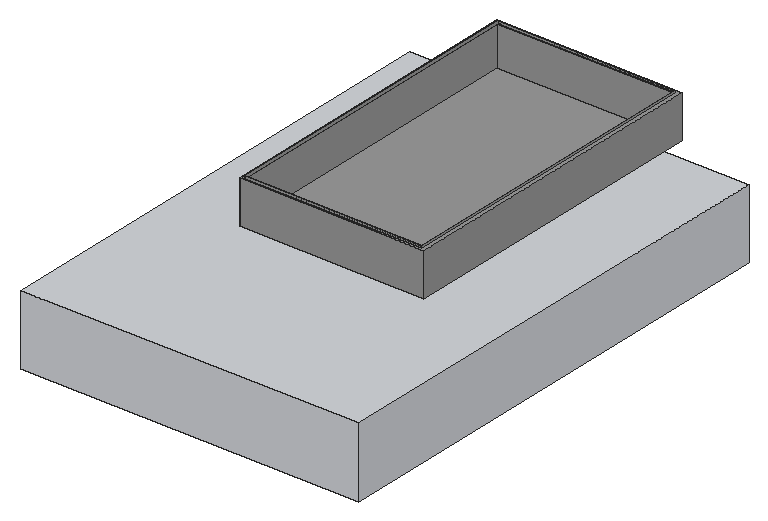
Revit family "Hager-Univers-IP30-D205-H1400-Cl.II-Encl-CH-de", category Equipement électrique, Revit 2020
Family settings
  Hôte = Face
  Configuration du panneau = Deux colonnes, circuits au sein
  Cote de connecteur circulaire = Utiliser le diamètre
  Type d'élément = Tableau de raccordement
  Couper avec des vides une fois chargée = Non
  Partagée = Non
  Point de calcul de pièce = Non
Parameters (values of type "Aufputz IP30 B800 H1400 T205  - FP93Q1S")
  Width Control [instance] = if([EF000008 - Breite] > Min Width, [EF000008 - Breite], Min Width)  # 800 mm
  Commentaires du type = [HG000003 - Bereich]  # "Univers"
  Thickness Door [instance] = if([EF009171 - Materialstärke Tür/Deckel] > 3 mm, 3 mm, [EF009171 - Materialstärke Tür/Deckel])  # 1 mm
  Seal Frame Offset [instance] = 17 mm  # constant formula
  Plinth Visibility [instance] = [HG000027 - Sockelhöhe] > 0 mm  # no
  Model = ""
  Min Width [instance] = 100 mm  # constant formula
  Min Height [instance] = 100 mm  # constant formula
  Min Depth [instance] = (2 * [EF009170 - Materialstärke Gehäuse]) + 1 mm  # 3 mm
  Internal Frame Depth [instance] = (Door System Depth * 0.5)  # 9 mm
  Height Control [instance] = if([EF000040 - Höhe] > Min Height, [EF000040 - Höhe], Min Height)  # 1400 mm
  HG000027 - Sockelhöhe = 0 mm
  HG000026 - Stehend auf dem Boden = no
  HG000024 - Höhe des unteren Teils = 800 mm
  HG000023 - Gehäuse mit doppeltem Querschnitt = no
  HG000016 - 3D-Türsichtbarkeit [instance] = yes
  HG000015 - Sichtbarkeit der Türöffnung [instance] = no
  HG000014 - Tür rechts [instance] = yes
  HG000013 - Tür links [instance] = not([HG000014 - Tür rechts])  # no
  HG000012 - Türschwenkwinkel [instance] = 30.00°
  HG000010 - Asymmetrische Türen = no
  HG000009 - Doppelflügeligen Tür = no
  HG000006 - Unterputz = no
  HG000004 - Herstellerreferenz = "FP93Q1S"
  HG000003 - Bereich = "Univers"
  HG000002 - Mit tür = no
  Frame Offset Bottom [instance] = 10 mm  # constant formula
  Frame Offset [instance] = 15 mm  # constant formula
  EF015940 - Deckel mit Überdruckentlastung = no
  EF011959 - Schutzart (NEMA) = ""
  EF009554 - Anzahl der Öffnungen für Flanschplatten = 6
  Fabricant = "Hager"  # constant formula
  EF009212 - Ausführung Deckel = "EV009916 - mit Ausschnitt"
  EF009171 - Materialstärke Tür/Deckel = 1 mm
  EF009170 - Materialstärke Gehäuse = 1 mm
  EF008873 - Nennstrom (In) = 250 A
  EF007800 - Geeignet für Blitzschutz = no
  EF006306 - Mit Schloss = no
  EF006244 - Transparenter Deckel/Tür = no
  EF005474 - Schutzart (IP) = "EV006410 - IP30"
  EF004464 - Art der Tür = "EV000494 - ohne"
  EF004427 - Anzahl der Module = 324
  EF004293 - Schlagfestigkeit = "EV006813 - IK07"
  EF003532 - Geeignet für Außengebrauch = no
  EF002950 - Breite in Teilungseinheiten = 36
  EF001613 - Funktionserhalt = "EV000494 - ohne"
  EF001596 - Werkstoff des Gehäuses = "EV000179 - Stahl"
  EF001131 - Innentiefe = 130 mm
  EF001088 - Anbaumöglichkeit = yes
  EF000437 - Anzahl der Leitungseinführungen = 6
  EF000339 - Art der Abdeckung = "EV000494 - ohne"
  EF000266 - Anzahl der Reihen = 9
  EF000218 - Einbautiefe = 0 mm
  EF000118 - Mit Montageplatte = no
  EF000116 - RAL-Nummer = "9010"
  EF000049 - Tiefe = 205 mm
  EF000040 - Höhe = 1400 mm
  EF000008 - Breite = 800 mm
  EF000007 - Farbe = "EV000202 - weiß"
  EF000003 - Montageart = "EV000384 - Aufputz"
  Door System Leaf Tolerance [instance] = 1.5 mm  # constant formula
  Door System Depth [instance] = 18 mm  # constant formula
  Door Height [instance] = Height Control - [HG000027 - Sockelhöhe]  # 1400 mm
  Depth Control [instance] = if([EF000049 - Tiefe] > Min Depth, [EF000049 - Tiefe], Min Depth)  # 205 mm
  Default Elevation = 0 mm
  Connector Offset [instance] = Height Control / 2  # 700 mm
  Bottom Top Plate Trim [instance] = 1.5 mm  # constant formula
  Plinth height Ctrl [instance] = if([HG000027 - Sockelhöhe] > 0 mm, [HG000027 - Sockelhöhe], 12 mm)  # 12 mm
Types (5, lengths in mm): name | Width Control | HG000004 - Herstellerreferenz | EF009554 - Anzahl der Öffnungen für Flanschplatten | EF004427 - Anzahl der Module | EF002950 - Breite in Teilungseinheiten | EF000437 - Anzahl der Leitungseinführungen | EF000008 - Breite
  Aufputz IP30 B1050 H1400 T205  - FP94Q1S | 1050 | "FP94Q1S" | 8 | 432 | 48 | 8 | 1050
  Aufputz IP30 B1300 H1400 T205  - FP95Q1S | 1300 | "FP95Q1S" | 10 | 540 | 60 | 10 | 1300
  Aufputz IP30 B300 H1400 T205  - FP91Q1S | 300 | "FP91Q1S" | 2 | 108 | 12 | 2 | 300
  Aufputz IP30 B550 H1400 T205  - FP92Q1S | 550 | "FP92Q1S" | 4 | 216 | 24 | 4 | 550
  Aufputz IP30 B800 H1400 T205  - FP93Q1S | 800 | "FP93Q1S" | 6 | 324 | 36 | 6 | 800
Reference planes
  plane 1 "Center (Front/Back)": y = 0
  plane 2: z = 0
  plane 3 "Center (Left/Right)": x = 0
  plane 4: z = 205
  plane 5: y = 1
  plane 6: y = 700
  plane 7: y = 0
  plane 8: y = 1400
  plane 9: z = 0
  plane 10: x = -385
  plane 11: x = 385
  plane 12: x = 384
  plane 13: x = -384
  plane 14: y = 1399
  plane 15: x = -383
  plane 16: x = -400
  plane 17: x = 383
  plane 18: x = 400
  plane 19: x = 399
  plane 20: x = -399
  plane 21: y = 11
  plane 22: y = 1400
  plane 23: y = 1384
  plane 24: z = 187
  plane 25: z = 1
  plane 26: z = 186
  plane 27: z = 204
Forms (mm)
  Extrusion 1, solid
    sketch origin (0, 0, 0) x (1, 0, 0) y (0, 1, 0)
      loop
        line (-702.964, 1305) -> (-702.964, -811.445) -> (766.763, -811.445) -> (766.763, 1305) -> (-702.964, 1305)
    from 0 to -304.8
  Extrusion 2, solid, material "Hager_Steel_RAL7035_Light_Grey", visible <- "Plinth Visibility", detail levels medium+fine
    sketch origin (0, 0, 0) x (1, 0, 0) y (0, 1, 0)
      loop
        line (-400, 0) -> (400, 0) -> (400, 12) -> (-400, 12) -> (-400, 0)
    from 0 to 187
  Extrusion 3, solid, material "Hager_Steel_RAL7035_Light_Grey", detail levels medium+fine
    sketch origin (0, 0, 0) x (1, 0, 0) y (0, 1, 0)
      loop
        line (-400, 0) -> (400, 0) -> (400, 1400) -> (-400, 1400) -> (-400, 0)
    from 0 to 187
  Extrusion 4, void
    sketch origin (0, 0, 0) x (1, 0, 0) y (0, 1, 0)
      loop
        line (-399, 1) -> (399, 1) -> (399, 1399) -> (-399, 1399) -> (-399, 1)
    from 1 to 186
  Extrusion 5, void
    sketch origin (-381.607, -4572, 187) x (0, -1, 0) y (-1, 0, 0)
      loop
        line (-4583, 2.393) -> (-5956, 2.393) -> (-5956, -765.607) -> (-4583, -765.607) -> (-4583, 2.393)
    from 0 to 1 <- "EF009170 - Materialstärke Gehäuse"
  Extrusion 6, solid, material "Hager_Steel_RAL7035_Light_Grey", detail levels fine
    sketch origin (0, 0, 187) x (1, 0, 0) y (0, 1, 0)
      loop
        line (-384, 1384) -> (-384, 11) -> (384, 11) -> (384, 1384) -> (-384, 1384)
      loop
        line (-385, 10) -> (385, 10) -> (385, 1385) -> (-385, 1385) -> (-385, 10)
    from 0 to 9 <- "Internal Frame Depth"
  Extrusion 7, solid, material "Hager_Steel_RAL7035_Light_Grey", detail levels coarse
    sketch origin (0, 0, 0) x (1, 0, 0) y (0, 1, 0)
      loop
        line (-400, 0) -> (400, 0) -> (400, 1400) -> (-400, 1400) -> (-400, 0)
    from 0 to 205
  Sweep 8, void
    path in 3D
      loop
        line (-400, 12, 0) -> (400, 12, 0) -> (400, 12, 187) -> (-400, 12, 187) -> (-400, 12, 0)
    profile origin (-400, 12, 93.5) x (-1, 0, 0) y (0, -1, 0)
      loop
        line (0, 0) -> (0, 1.5) -> (-1.5, 1.5)
        arc (-1.5, 1.5) -> (-1.061, 0.439) -> (0, 0) r 1.5
Cuts and joins
  Extrusion 4, Extrusion 5 cuts Extrusion 3
  Sweep 8 cuts Extrusion 2
Lines and regions (mm)
  Masking region 1
    outline origin (0, 0, 0) x (1, 0, 0) y (0, 0, 1)
      loop
        line (-400, 205) -> (-400, 0) -> (400, 0) -> (400, 205) -> (-400, 205)
  Masking region 2, detail levels medium+fine
    outline origin (0, 140, 0) x (0, 1, 0) y (0, 0, 1)
      loop
        line (-140, 0) -> (1260, 0) -> (1260, 187) -> (-140, 187) -> (-140, 0)
  Masking region 3, not visible, detail levels medium+fine
    outline origin (0, 297.922, 0) x (0, 1, 0) y (0, 0, 1)
      loop
        line (413.578, 0) -> (453.578, 0) -> (453.578, 194)
        arc (453.578, 194) -> (450.649, 201.071) -> (443.578, 204) r 10
        line (443.578, 204) -> (413.578, 204) -> (413.578, 0)
  Masking region 4, detail levels coarse
    outline origin (0, 0, 180) x (0, 1, 0) y (0, 0, 1)
      loop
        line (0, -180) -> (1400, -180) -> (1400, 25) -> (0, 25) -> (0, -180)
  Masking region 5, visible <- "Plinth Visibility", detail levels medium+fine
    outline origin (0, 52.24, 12.345) x (0, 0, -1) y (0, 1, 0)
      loop
        line (10.845, -40.24) -> (-173.155, -40.24)
        arc (-173.155, -40.24) -> (-173.594, -41.301) -> (-174.655, -41.74) r 1.5
        line (-174.655, -41.74) -> (-174.655, -52.24) -> (12.345, -52.24) -> (12.345, -41.74)
        arc (12.345, -41.74) -> (11.285, -41.301) -> (10.845, -40.24) r 1.5
  Masking region 6, detail levels medium+fine
    outline origin (-381.607, -4572, 187) x (-1, 0, 0) y (0, -1, 0)
      loop
        line (18.393, -5972) -> (18.393, -4572) -> (-781.607, -4572) -> (-781.607, -5972) -> (18.393, -5972)
  Masking region 7, visible <- "Plinth Visibility", detail levels medium+fine
    outline origin (-381.607, -4727, 187) x (-1, 0, 0) y (0, -1, 0)
      loop
        arc (16.893, -4739) -> (17.332, -4737.939) -> (18.393, -4737.5) r 1.5
        line (18.393, -4737.5) -> (18.393, -4727) -> (-781.607, -4727) -> (-781.607, -4737.5)
        arc (-781.607, -4737.5) -> (-780.546, -4737.939) -> (-780.107, -4739) r 1.5
        line (-780.107, -4739) -> (16.893, -4739)
  Masking region 8, detail levels coarse
    outline origin (-442.548, -4669.526, 187) x (-1, 0, 0) y (0, -1, 0)
      loop
        line (-42.548, -6069.526) -> (-42.548, -4669.526) -> (-842.548, -4669.526) -> (-842.548, -6069.526) -> (-42.548, -6069.526)
  sketch lines
    curve 1: line (-400, 12, 187) -> (-400, 12, 0)
    curve 2: line (400, 12, 187) -> (-400, 12, 187)
    curve 3: line (400, 12, 187) -> (400, 12, 0)
    curve 4: line (-400, 12, 0) -> (400, 12, 0)
Dimensions and locks
  "Depth Control": plane 4 to Extrusion 1
  "HG000027 - Sockelhöhe": plane 1 "Center (Front/Back)" to plane 7
  "EF009170 - Materialstärke Gehäuse": plane 5 to plane 7
  locked: connector elem to plane 3 "Center (Left/Right)"
  equal spacing: plane 8, plane 6, plane 7
  locked: connector elem to plane 6
  "EF009170 - Materialstärke Gehäuse": plane 8 to plane 14
  "EF009170 - Materialstärke Gehäuse": plane 10 to plane 13
  "EF009170 - Materialstärke Gehäuse": plane 12 to plane 11
  "Frame Offset": plane 20 to plane 13
  "Frame Offset": plane 12 to plane 19
  "EF009170 - Materialstärke Gehäuse": plane 16 to plane 20
  "EF009170 - Materialstärke Gehäuse": plane 19 to plane 18
  "Seal Frame Offset": plane 16 to plane 15
  "Seal Frame Offset": plane 17 to plane 18
  "Frame Offset Bottom": plane 21 to plane 5
  "Frame Offset": plane 14 to plane 23
  equal spacing: plane 16, plane 3 "Center (Left/Right)", plane 18
  "Width Control": plane 16 to plane 18
  "EF009170 - Materialstärke Gehäuse": plane 4 to plane 27
  "EF009170 - Materialstärke Gehäuse": plane 24 to plane 26
  "EF009170 - Materialstärke Gehäuse": plane 25 to level
  "Door System Depth": plane 4 to plane 24
  "Height Control": plane 1 "Center (Front/Back)" to Extrusion 7 sketch curve
  "Height Control": Masking region 4 sketch curve to plane 1 "Center (Front/Back)"
  "Height Control": plane 1 "Center (Front/Back)" to plane 22
  "Bottom Top Plate Trim": profile plane to Sweep 8 sketch curve
  "Bottom Top Plate Trim": Sweep 8 sketch curve to profile plane
  "Plinth height Ctrl": plane 1 "Center (Front/Back)" to Extrusion 2 sketch curve
  "Plinth height Ctrl": Masking region 5 sketch curve to plane 1 "Center (Front/Back)"
  "Plinth height Ctrl": plane 1 "Center (Front/Back)" to Masking region 7 sketch curve
  "Thickness Door": Extrusion 6 sketch curve to Extrusion 6 sketch curve  (x3)
  "Thickness Door": cut or joined group of Extrusion 3, Extrusion 4, Extrusion 5 to Extrusion 6 sketch curve
  radius of Masking region 3 sketch curve = 10 mm
  "Bottom Top Plate Trim": radius of Masking region 5 sketch curve  (x2)
  "Bottom Top Plate Trim": radius of Sweep 8 sketch curve
  "Bottom Top Plate Trim": radius of Masking region 7 sketch curve  (x2)
  aligned and locked: plane 2 to Extrusion 1
  aligned and locked: level to Extrusion 1
  aligned and locked: level to Masking region 1 sketch curve
  aligned and locked: Masking region 1 sketch curve to plane 18
  aligned and locked: Masking region 1 sketch curve to plane 16
  aligned and locked: plane 7 to Masking region 2 sketch curve
  aligned and locked: level to Masking region 3 sketch curve
  aligned and locked: Masking region 3 sketch curve to plane 27
  aligned and locked: level to Masking region 2 sketch curve
  aligned and locked: plane 1 "Center (Front/Back)" to Extrusion 2 sketch curve
  aligned and locked: Extrusion 3 sketch curve to plane 7
  aligned and locked: plane 16 to Extrusion 3 sketch curve
  aligned and locked: plane 18 to Extrusion 3 sketch curve
  aligned and locked: plane 20 to Extrusion 4 sketch curve
  aligned and locked: plane 19 to Extrusion 4 sketch curve
  aligned and locked: Extrusion 4 sketch curve to plane 5
  aligned and locked: Extrusion 4 to plane 25
  aligned and locked: plane 26 to Extrusion 4
  aligned and locked: plane 24 to Extrusion 3
  aligned and locked: Extrusion 5 sketch curve to plane 21
  aligned and locked: Extrusion 5 sketch curve to plane 13
  aligned and locked: Extrusion 5 sketch curve to plane 12
  aligned and locked: plane 18 to Extrusion 7 sketch curve
  aligned and locked: plane 1 "Center (Front/Back)" to Extrusion 7 sketch curve
  aligned and locked: plane 16 to Extrusion 7 sketch curve
  aligned and locked: plane 4 to Extrusion 7
  aligned and locked: Extrusion 7 to level
  aligned and locked: level to Masking region 4 sketch curve
  aligned and locked: Masking region 4 sketch curve to plane 1 "Center (Front/Back)"
  aligned and locked: Masking region 4 sketch curve to plane 4
  aligned and locked: nested 1 to level
  aligned and locked: nested 1 to plane 16
  aligned and locked: plane 8 to Extrusion 3 sketch curve
  aligned and locked: plane 23 to Extrusion 5 sketch curve
  aligned and locked: plane 14 to Extrusion 4 sketch curve
  aligned and locked: Masking region 2 sketch curve to plane 8
  aligned and locked: level to Masking region 5 sketch curve
  aligned and locked: plane 16 to Extrusion 2 sketch curve
  aligned and locked: plane 18 to Extrusion 2 sketch curve
  aligned and locked: Masking region 5 sketch curve to plane 24
  aligned and locked: Masking region 2 sketch curve to plane 24
  aligned and locked: plane 24 to Extrusion 2
  aligned and locked: profile plane to Sweep 8 sketch curve  (x2)
  aligned and locked: Masking region 6 sketch curve to plane 18
  aligned and locked: Masking region 6 sketch curve to plane 22
  aligned and locked: Masking region 6 sketch curve to plane 16
  aligned and locked: plane 8 to plane 22
  aligned and locked: Masking region 6 sketch curve to plane 7
  aligned and locked: Masking region 7 sketch curve to plane 16
  aligned and locked: Masking region 7 sketch curve to plane 1 "Center (Front/Back)"
  aligned and locked: Masking region 7 sketch curve to plane 18
  aligned and locked: Masking region 8 sketch curve to plane 1 "Center (Front/Back)"
  aligned and locked: Masking region 8 sketch curve to plane 18
  aligned and locked: Masking region 8 sketch curve to plane 22
  aligned and locked: Masking region 8 sketch curve to plane 16
  aligned and locked: nested 2 to plane 7
  aligned and locked: plane 3 "Center (Left/Right)" to nested 2
  aligned and locked: nested 2 to plane 24
  aligned and locked: Extrusion 6 sketch curve to cut or joined group of Extrusion 3, Extrusion 4, Extrusion 5  (x4)
Automatic sketch dimensions
  Extrusion 1 sketch curve to Extrusion 1 sketch curve = 1469.727 mm
  Extrusion 1 sketch curve to Extrusion 1 sketch curve = 2116.445 mm
  Masking region 1 sketch curve to plane 4 = 0 mm
  plane 6 to Masking region 3 sketch curve = 11.5 mm
  Masking region 3 sketch curve to Masking region 3 sketch curve = 30 mm
  Masking region 5 sketch curve to plane 1 "Center (Front/Back)" = 0 mm
Nested families
  nested 1: "Hager_Enclosure_Symbol" at (-400, 0, 0) x (1, 0, 0) z (0, -1, 0), Height <- "Depth Control", Width <- "Width Control", type "Hager_Enclosure_Symbol"
    with Width_Ctrl 800 mm, Width 800 mm, Height_Ctrl 205 mm, Height 205 mm, A_Width_Int 13.453 mm, A_Width 161.438 mm, A_Height_Ctrl 179.375 mm, A_Height 179.375 mm
  nested 2: "EC000058_Univers_Door" at (0, 0, 187) x (1, 0, 0) z (0, 1, 0), Leaf_Tolerance <- "Door System Leaf Tolerance", Angle <- "HG000012 - Türschwenkwinkel", Door_Depth <- "Door System Depth", Door_Left <- "HG000013 - Tür links", Transparent <- "EF006244 - Transparenter Deckel/Tür", Assymetrical <- "HG000010 - Asymmetrische Türen", Width <- "Width Control", Clearance <- "HG000015 - Sichtbarkeit der Türöffnung", Double <- "HG000009 - Doppelflügeligen Tür", 3d_Door <- "HG000016 - 3D-Türsichtbarkeit", Lock_Visibility <- "EF006306 - Mit Schloss", Width_Ctrl <- "Width Control", Door_Right <- "HG000014 - Tür rechts", Door <- "HG000002 - Mit tür", Height <- "Door Height", Thickness <- "Thickness Door", type "EC000058_Univers_Door", detail levels medium+fine
    with min_wh 3 mm, Width_Ctrl 800 mm, Width 800 mm, Transparent no, Thickness 1 mm, Seal_Material Hager_Rubber, Lock_Visibility no, Lock_Material Hager_Plastic_RAL9005_Jet_Black, Leaf_Width 800 mm, Leaf_Tolerance_External_Sides 0 mm, Leaf_Tolerance 1.5 mm, Leaf_Offset 0 mm, Leaf_Height 1397 mm, Leaf_2_Width 800 mm, Leaf_2_Offset 400 mm, Leaf_1_Width 800 mm, Leaf_1_Offset 400 mm, Height_Ctrl 1400 mm, Height 1400 mm, Glass_Material Hager_Glass, Double_Clearance_Ctrl no, Double no, Door_Right_Ctrl no, Door_Right yes, Door_Material Hager_Steel_RAL7035_Light_Grey, Door_Left_Ctrl no, Door_Left no, Door_Depth 18 mm, Door no, Clearance_Material Hager_Clearance, Clearance_Depth 800 mm, Clearance_Ctrl no, Clearance no, Assymetrical no, Angle 30.00°, 3d_Door yes
Connectors
  electrical at (0, 700, 0)
    settings: on plane 9, index 1, voltage 0 V, apparent load 0 VA, apparent load phase1 0 VA, apparent load phase2 0 VA, apparent load phase3 0 VA, power factor 1, load classification "Other", number of poles 1, system type 30, power factor state 1, is connector primary yes, connector utility no, sub classification motor no, connector description ""
Definition of nested family "Hager_Enclosure_Symbol"
  Parameters (values of type "Hager_Enclosure_Symbol")
    Width_Ctrl [instance] = if(Width > 1 mm, Width, 1 mm)  # 102.27 mm
    Width [instance] = 102.27 mm
    Height_Ctrl [instance] = if(Height > 1 mm, Height, 1 mm)  # 66.5 mm
    A_Width_Int [instance] = if(A_Width / 12 > 2 mm, A_Width / 12, 2 mm)  # 4.364 mm
    A_Width [instance] = if(A_Height_Ctrl * 0.9 > 2 mm, A_Height_Ctrl * 0.9, 2 mm)  # 52.369 mm
    A_Height_Ctrl [instance] = if(A_Height > 2 mm, A_Height, 2 mm)  # 58.188 mm
    Height [instance] = 66.5 mm
    A_Height [instance] = Height - (Height / 8)  # 58.188 mm
  Reference planes
    plane 1 "Centre (avant/arrière)": y = 0
    plane 2: z = 0
    plane 3 "Centre (gauche/droite)": x = 0
    plane 4: x = 52.369
    plane 5: y = 33.042
    plane 6: y = 41.77
    plane 7: y = 66.5
    plane 8: x = 26.184
    plane 9: y = 37.406
    plane 10: x = 102.27
    plane 11: y = 66.5
    plane 12: y = 8.313
  Lines and regions (mm)
    Filled region 1, type "Solid_Black", in view "Niveau de réf."
      outline origin (0, 0, 0) x (1, 0, 0) y (0, 1, 0)
        loop
          line (52.369, 66.5) -> (33.188, 54.536) -> (45.365, 45.006) -> (52.369, 66.5)
    Filled region 2, type "Solid_Black", in view "Niveau de réf."
      outline origin (0, 0, 0) x (1, 0, 0) y (0, 1, 0)
        loop
          line (0, 0) -> (102.27, 0) -> (102.27, 66.5) -> (0, 0)
    detail lines, in view "Niveau de réf."
      curve 1: line (0, 8.313, 0) -> (26.184, 41.77, 0)
      curve 2: line (26.184, 41.77, 0) -> (26.184, 33.042, 0)
      curve 3: line (26.184, 33.042, 0) -> (52.369, 66.5, 0)
  Dimensions and locks
    "A_Width": plane 3 "Centre (gauche/droite)" to plane 4
    equal spacing: plane 3 "Centre (gauche/droite)", plane 8, plane 4
    equal spacing: plane 6, plane 9, plane 5
    equal spacing: curve 3, Filled region 1 sketch curve, Filled region 1 sketch curve
    "Height_Ctrl": plane 1 "Centre (avant/arrière)" to plane 11
    "A_Height_Ctrl": plane 11 to plane 12
    equal spacing: plane 11, plane 9, plane 12
    "A_Width_Int": plane 6 to plane 9
    "Width_Ctrl": plane 3 "Centre (gauche/droite)" to plane 10
    angle Filled region 1 sketch curve to curve 3 = 20.00°
    angle curve 3 to Filled region 1 sketch curve = 20.00°
    locked: curve 3 to Filled region 1 sketch curve (angle 90.00°)
    aligned and locked: plane 10 to Filled region 2
    aligned and locked: plane 11 to Filled region 2 sketch curve
    aligned and locked: plane 10 to Filled region 2 sketch curve
    aligned and locked: plane 3 "Centre (gauche/droite)" to curve 1
    aligned and locked: plane 12 to curve 1
    aligned and locked: plane 7 to plane 11
  Automatic sketch dimensions
    Filled region 1 sketch curve to plane 4 = 0 mm
    Filled region 1 sketch curve to plane 7 = 0 mm
    plane 1 "Centre (avant/arrière)" to Filled region 2 sketch curve = 0 mm
    Filled region 2 sketch curve to plane 3 "Centre (gauche/droite)" = 0 mm
    curve 2 to plane 6 = 0 mm
    curve 2 to plane 8 = 0 mm
    curve 3 to plane 4 = 0 mm
    curve 2 to plane 5 = 0 mm
    curve 3 to plane 7 = 0 mm
Definition of nested family "EC000058_Univers_Door"
  Parameters (values of type "EC000058_Univers_Door")
    min_wh [instance] = (2 * Thickness) + 1 mm  # 11 mm
    Width_Ctrl [instance] = 400 mm
    Width [instance] = 500 mm
    Transparent [instance] = yes
    Thickness [instance] = 5 mm
    Seal_Material [instance] = none
    Lock_Visibility [instance] = yes
    Lock_Material [instance] = none
    Leaf_Width [instance] = if((Width_Ctrl - 2 * Leaf_Tolerance_External_Sides) > 0 mm, (Width_Ctrl - 2 * Leaf_Tolerance_External_Sides), min_wh)  # 400 mm
    Leaf_Tolerance_External_Sides [instance] = 0 mm  # constant formula
    Leaf_Tolerance [instance] = 1.5 mm
    Leaf_Offset [instance] = 0 mm  # constant formula
    Leaf_Height [instance] = if((Height_Ctrl - 2 * Leaf_Tolerance) > 0 mm, (Height_Ctrl - 2 * Leaf_Tolerance), min_wh)  # 497 mm
    Leaf_2_Width [instance] = if(and(and(Double, Assymetrical), Door_Left), (Leaf_Width / 3) - (Leaf_Tolerance / 2), if(and(and(Double, Assymetrical), Door_Right), (Leaf_Width / 3) * 2 - (Leaf_Tolerance / 2), if(and(Double, not(Assymetrical)), (Leaf_Width / 2) - Leaf_Tolerance, Leaf_Width)))  # 400 mm
    Leaf_2_Offset [instance] = if(and(Double, Assymetrical), Leaf_2_Width / 2, if(and(Double, not(Assymetrical)), Leaf_Width / 4, Leaf_Width / 2))  # 200 mm
    Leaf_1_Width [instance] = if(and(and(Double, Assymetrical), Door_Right), (Leaf_Width / 3) - (Leaf_Tolerance / 2), if(and(and(Double, Assymetrical), Door_Left), (Width / 3) * 2 - (Leaf_Tolerance / 2), if(and(Double, not(Assymetrical)), (Leaf_Width / 2) - Leaf_Tolerance, Leaf_Width)))  # 400 mm
    Leaf_1_Offset [instance] = if(and(Double, Assymetrical), Leaf_1_Width / 2, if(and(Double, not(Assymetrical)), Leaf_Width / 4, Leaf_Width / 2))  # 200 mm
    Height_Ctrl [instance] = if(Height > min_wh, Height, min_wh)  # 500 mm
    Height [instance] = 500 mm
    Glass_Material [instance] = none
    Double_Clearance_Ctrl [instance] = and(Double, Clearance)  # no
    Double [instance] = no
    Door_Right_Ctrl [instance] = and(or(Door_Right, Double), Door)  # yes
    Door_Right [instance] = yes
    Door_Material [instance] = none
    Door_Left_Ctrl [instance] = and(or(Door_Left, Double), Door)  # no
    Door_Left [instance] = no
    Door_Depth [instance] = 30 mm
    Door [instance] = yes
    Default Elevation = 1219.2 mm
    Clearance_Material [instance] = none
    Clearance_Depth [instance] = if(Leaf_1_Width > Leaf_2_Width, Leaf_1_Width, Leaf_2_Width)  # 400 mm
    Clearance_Ctrl [instance] = and(not(Double), Clearance)  # yes
    Clearance [instance] = yes
    Assymetrical [instance] = yes
    Angle [instance] = 30.00°
    3d_Door [instance] = yes
  Reference planes
    plane 1 "Center (Front/Back)": y = 0
    plane 2 "Bottom": z = 0
    plane 3 "Center (Left/Right)": x = 0
    plane 4: z = 500
    plane 5: x = -200
    plane 6: x = 200
    plane 7: z = 500
    plane 8: x = -200
    plane 9: z = 0
    plane 10: x = 200
    plane 11: y = 0
    plane 12: z = 1.5
    plane 13: x = -600
    plane 14: y = -400
    plane 15: x = 600
    plane 16: x = 0
    plane 17: x = 0
    plane 18: x = -200
    plane 19: x = 200
    plane 20: z = 498.5
  Forms (mm)
    Extrusion 1, solid, material <- "Clearance_Material", visible <- "Double_Clearance_Ctrl"
      sketch origin (1200, 0, 0) x (1, 0, 0) y (0, 0, -1)
        loop
          line (-1800, -498.5) -> (-600, -498.5) -> (-600, 0) -> (-1800, 0) -> (-1800, -498.5)
      from 0 to -400
  Dimensions and locks
    equal spacing: plane 5, plane 3 "Center (Left/Right)", plane 6
    "Width_Ctrl": plane 5 to plane 6
    "Leaf_Offset": plane 5 to plane 8
    "Leaf_Offset": plane 6 to plane 10
    "Leaf_Offset": plane 9 to level
    "Leaf_Offset": plane 4 to plane 7
    "Height_Ctrl": plane 4 to level
    "Leaf_Tolerance": plane 12 to plane 9
    locked: plane 11 to plane 1 "Center (Front/Back)"
    "Leaf_1_Offset": plane 18 to plane 16
    "Leaf_2_Offset": plane 17 to plane 19
    "Leaf_1_Width": plane 13 to plane 8
    "Leaf_2_Width": plane 10 to plane 15
    "Clearance_Depth": plane 14 to plane 1 "Center (Front/Back)"
    "Leaf_Tolerance_External_Sides": plane 8 to plane 18
    "Leaf_Tolerance_External_Sides": plane 19 to plane 10
    "Leaf_Tolerance": plane 7 to plane 20
    aligned and locked: level to plane 2 "Bottom"
    aligned and locked: nested 1 to plane 16
    aligned and locked: nested 2 to plane 17
    aligned and locked: Extrusion 1 to plane 13
    aligned and locked: plane 15 to Extrusion 1
    aligned and locked: Extrusion 1 to plane 14
    aligned and locked: plane 12 to nested 1
    aligned and locked: nested 2 to plane 12
    aligned and locked: Extrusion 1 to plane 11
    aligned and locked: plane 20 to Extrusion 1
    aligned and locked: nested 2 to plane 11
    aligned and locked: nested 1 to plane 11
  Automatic sketch dimensions
    Extrusion 1 sketch curve to level = 0 mm
    plane 5 to Extrusion 1 sketch curve = 400 mm
    plane 6 to Extrusion 1 sketch curve = 400 mm
    Extrusion 1 sketch curve to plane 4 = 1.5 mm
  Nested families
    nested 1: "EC000058_Univers_Door_Leaf" at (0, 0, 1.5), Width <- "Leaf_1_Width", visible <- "Door_Left_Ctrl", Leaf_Height <- "Leaf_Height", Angle <- "Angle", 3d_Door <- "3d_Door", Transparent <- "Transparent", Clearance Material <- "Clearance_Material", Clearance <- "Clearance_Ctrl", Door_Material <- "Door_Material", Glass_Material <- "Glass_Material", Door_Depth <- "Door_Depth", Lock_Material <- "Lock_Material", Seal_Material <- "Seal_Material", Lock_Visibility <- "Lock_Visibility", Thickness <- "Thickness", type "EC000058_Univers_Door_Leaf"
      with Width 400 mm, Transparent_Glass_Offset 30 mm, Transparent_Ctrl yes, Transparent yes, Thickness 5 mm, Standard no, Seal_Material none, Seal_D2 8 mm, Seal_D1 1 mm, Offset_Internal_Frame 10 mm, Lock_Width 20 mm, Lock_Visibility_3d yes, Lock_Visibility yes, Lock_Thickness_3 3 mm, Lock_Thickness_2 1 mm, Lock_Thickness_1 3 mm, Lock_Radius_Offset_2 16 mm, Lock_Radius_Offset_1 15 mm, Lock_Radius_2 5 mm, Lock_Radius 6 mm, Lock_Offset 5 mm, Lock_Material none, Lock_Height 80 mm, Lock_Cover_Top_Offset_2d 17 mm, Lock_Cover_Height -65 mm, Leaf_Height 497 mm, Internal_Seal_Thickness 8 mm, Internal_Seal_Depth_2 4.5 mm, Internal_Frame_Depth 25 mm, Glass_Thickness -1 mm, Glass_Offset -2 mm, Glass_Material none, Door_Material none, Door_Depth 30 mm, Clearance Material none, Clearance yes, Angle_Ctrl 30.00°, Angle 30.00°, 3d_Door yes
    nested 2: "EC000058_Univers_Door_Leaf" at (0, 0, 1.5) x (-1, 0, 0) z (0, 0, 1), Width <- "Leaf_2_Width", visible <- "Door_Right_Ctrl", Leaf_Height <- "Leaf_Height", Angle <- "Angle", 3d_Door <- "3d_Door", Transparent <- "Transparent", Clearance Material <- "Clearance_Material", Clearance <- "Clearance_Ctrl", Door_Material <- "Door_Material", Glass_Material <- "Glass_Material", Door_Depth <- "Door_Depth", Lock_Material <- "Lock_Material", Seal_Material <- "Seal_Material", Lock_Visibility <- "Lock_Visibility", Thickness <- "Thickness", type "EC000058_Univers_Door_Leaf"
      with Width 400 mm, Transparent_Glass_Offset 30 mm, Transparent_Ctrl yes, Transparent yes, Thickness 5 mm, Standard no, Seal_Material none, Seal_D2 8 mm, Seal_D1 1 mm, Offset_Internal_Frame 10 mm, Lock_Width 20 mm, Lock_Visibility_3d yes, Lock_Visibility yes, Lock_Thickness_3 3 mm, Lock_Thickness_2 1 mm, Lock_Thickness_1 3 mm, Lock_Radius_Offset_2 16 mm, Lock_Radius_Offset_1 15 mm, Lock_Radius_2 5 mm, Lock_Radius 6 mm, Lock_Offset 5 mm, Lock_Material none, Lock_Height 80 mm, Lock_Cover_Top_Offset_2d 17 mm, Lock_Cover_Height -65 mm, Leaf_Height 497 mm, Internal_Seal_Thickness 8 mm, Internal_Seal_Depth_2 4.5 mm, Internal_Frame_Depth 25 mm, Glass_Thickness -1 mm, Glass_Offset -2 mm, Glass_Material none, Door_Material none, Door_Depth 30 mm, Clearance Material none, Clearance yes, Angle_Ctrl 30.00°, Angle 30.00°, 3d_Door yes
  Definition of nested family "EC000058_Univers_Door_Leaf"
    Parameters (values of type "EC000058_Univers_Door_Leaf")
      Width [instance] = 2000 mm
      Transparent_Glass_Offset [instance] = 30 mm
      Transparent_Ctrl [instance] = and(Transparent, [3d_Door])  # yes
      Transparent [instance] = yes
      Thickness [instance] = 5 mm
      Standard [instance] = and(not(Transparent), [3d_Door])  # no
      Seal_Material [instance] = none
      Seal_D2 [instance] = 8 mm  # constant formula
      Seal_D1 [instance] = 1 mm  # constant formula
      Offset_Internal_Frame [instance] = 10 mm  # constant formula
      Lock_Width [instance] = 20 mm  # constant formula
      Lock_Visibility_3d [instance] = and(Lock_Visibility, [3d_Door])  # yes
      Lock_Visibility [instance] = yes
      Lock_Thickness_3 [instance] = 3 mm  # constant formula
      Lock_Thickness_2 [instance] = 1 mm  # constant formula
      Lock_Thickness_1 [instance] = 3 mm  # constant formula
      Lock_Radius_Offset_2 [instance] = Lock_Radius_Offset_1 + 1 mm  # 16 mm
      Lock_Radius_Offset_1 [instance] = 15 mm  # constant formula
      Lock_Radius_2 [instance] = Lock_Radius - 1 mm  # 5 mm
      Lock_Radius [instance] = 6 mm  # constant formula
      Lock_Offset [instance] = 5 mm  # constant formula
      Lock_Material [instance] = none
      Lock_Height [instance] = 80 mm  # constant formula
      Lock_Cover_Top_Offset_2d [instance] = Lock_Radius_Offset_2 + 1 mm  # 17 mm
      Lock_Cover_Height [instance] = -(Lock_Height - Lock_Radius_Offset_1)  # -65 mm
      Leaf_Height [instance] = 2720.336 mm
      Internal_Seal_Thickness [instance] = 8 mm  # constant formula
      Internal_Seal_Depth_2 [instance] = 4.5 mm  # constant formula
      Internal_Frame_Depth [instance] = if(Door_Depth - Thickness > 5 mm, Door_Depth - Thickness, 5 mm)  # 25 mm
      Glass_Thickness [instance] = if(Thickness > 15 mm, Glass_Offset + 10 mm, -1 mm)  # -1 mm
      Glass_Offset [instance] = if(Thickness > 15 mm, -(Thickness + 10 mm) / 2, -2 mm)  # -2 mm
      Glass_Material [instance] = none
      Door_Material [instance] = none
      Door_Depth [instance] = 30 mm
      Default Elevation = 0 mm
      Clearance Material [instance] = none
      Clearance [instance] = yes
      Angle_Ctrl [instance] = if(Angle > 180.00°, 180.00°, Angle)  # 90.00°
      Angle [instance] = 90.00°
      3d_Door [instance] = yes
    Reference planes
      plane 1 "Center (Front/Back)": y = 0
      plane 2: z = 0
      plane 3 "Center (Left/Right)": x = 0
      plane 4: y = 2000
      plane 5: x = -1000
      plane 6: x = 1000
      plane 7: x = -3000
      plane 8: z = 2720.336
      plane 9: z = 30
      plane 10: z = 2690.336
      plane 11: x = 970
      plane 12: x = -970
      plane 13: y = -3
      plane 14: z = 107.833
      plane 15: y = -5
      plane 16: y = -223.314
      plane 17: x = -1000
      plane 18: z = 1360.168
      plane 19: y = 30
    Forms (mm)
      Extrusion 1, solid, material <- "Clearance Material", visible <- "Clearance"
        sketch origin (0, 0, 0) x (1, 0, 0) y (0, 0, 1)
          loop
            line (-3000, 2720.336) -> (-3000, 0) -> (1000, 0) -> (1000, 2720.336) -> (-3000, 2720.336)
        from 0 to -2000
      Extrusion 2, solid, material <- "Door_Material", visible <- "Standard", detail levels medium+fine
        sketch origin (-1000, 0, 0) x (0, 1, 0) y (-1, 0, 0)
          loop
            line (0, 30) -> (0, 25) -> (2000, 25) -> (2000, 30) -> (0, 30)
        from 0 to 2720.336 <- "Leaf_Height"
      Extrusion 3, solid, material <- "Door_Material", visible <- "Transparent_Ctrl", detail levels medium+fine
        sketch origin (-1000, 0, 0) x (0, 1, 0) y (-1, 0, 0)
          loop
            line (0, 25) -> (2000, 25) -> (2000, 30) -> (0, 30) -> (0, 25)
        from 0 to 2720.336 <- "Leaf_Height"
      Extrusion 4, void
        sketch origin (-1025, 2000, 0) x (0, 1, 0) y (0, 0, -1)
          loop
            line (-30, -2690.336) -> (-30, -30) -> (-1970, -30) -> (-1970, -2690.336) -> (-30, -2690.336)
        from 0 to 5 <- "Thickness"
      Sweep 5, solid, material <- "Seal_Material", visible <- "Transparent_Ctrl", detail levels fine
        path in 3D
          loop
            line (-1025, 30, 30) -> (-1025, 30, 2690.336) -> (-1025, 1970, 2690.336) -> (-1025, 1970, 30) -> (-1025, 30, 30)
        profile origin (-1025, 1000, 30) x (1, 0, 0) y (0, 0, 1)
          loop
            line (0, 0) -> (0, -8) -> (1, -8) -> (1, 0) -> (0, 0)
      Extrusion 6, solid, material <- "Glass_Material", visible <- "Transparent_Ctrl", detail levels medium+fine
        sketch origin (-1030, 0, 0) x (0, 1, 0) y (0, 0, -1)
          loop
            line (1970, -2690.336) -> (1970, -30) -> (30, -30) -> (30, -2690.336) -> (1970, -2690.336)
        from -2 <- "Glass_Offset" to -1 <- "Glass_Thickness"
      Extrusion 7, solid, material <- "Door_Material", visible <- "3d_Door", detail levels medium+fine
        sketch origin (-1025, 2000, 0) x (0, -1, 0) y (0, 0, -1)
          loop
            line (0, -2720.336) -> (2000, -2720.336) -> (2000, 0) -> (0, 0) -> (0, -2720.336)
          loop
            line (1995, -5) -> (5, -5) -> (5, -2715.336) -> (1995, -2715.336) -> (1995, -5)
        from 0 to 25 <- "Internal_Frame_Depth"
      Sweep 8, solid, material <- "Seal_Material", visible <- "Transparent_Ctrl", detail levels fine
        path in 3D
          loop
            line (-1025, 0, 0) -> (-1025, 2000, 0) -> (-1025, 2000, 2720.336) -> (-1025, 0, 2720.336) -> (-1025, 0, 0)
        profile origin (-1025, 0, 1360.168) x (1, 0, 0) y (0, 1, 0)
          loop
            line (0, 10) -> (2.975, 10)
            arc (2.975, 10) -> (4.053, 10.447) -> (4.5, 11.525) r 1.525
            line (4.5, 11.525) -> (4.5, 16.527)
            arc (4.5, 16.527) -> (4.069, 17.569) -> (3.027, 18) r 1.473
            line (3.027, 18) -> (0, 18) -> (0, 10)
      Extrusion 9, solid, material <- "Lock_Material", visible <- "Lock_Visibility_3d", detail levels fine
        sketch origin (-1030, 0, 0) x (0, 1, 0) y (0, 0, -1)
          loop
            arc (1993.5, -1400.168) -> (1994.561, -1399.729) -> (1995, -1398.668) r 1.5
            line (1995, -1398.668) -> (1995, -1320.168) -> (1975, -1320.168) -> (1975, -1398.668)
            arc (1975, -1398.668) -> (1975.439, -1399.729) -> (1976.5, -1400.168) r 1.5
            line (1976.5, -1400.168) -> (1993.5, -1400.168)
        from 3 <- "Lock_Thickness_1" to 0
      Blend 10, solid, material <- "Lock_Material", visible <- "Lock_Visibility_3d", detail levels fine
        base sketch origin (-1033, 0, 0) x (0, 1, 0) y (0, 0, -1)
          loop
            line (1975, -1320.168) -> (1975, -1398.668)
            arc (1975, -1398.668) -> (1975.439, -1399.729) -> (1976.5, -1400.168) r 1.5
            line (1976.5, -1400.168) -> (1993.5, -1400.168)
            arc (1993.5, -1400.168) -> (1994.561, -1399.729) -> (1995, -1398.668) r 1.5
            line (1995, -1398.668) -> (1995, -1320.168) -> (1975, -1320.168)
        top sketch origin (-1033, 0, 0) x (0, 1, 0) y (0, 0, -1)
          loop
            line (1976, -1320.168) -> (1976, -1398.668)
            arc (1976, -1398.668) -> (1976.146, -1399.022) -> (1976.5, -1399.168) r 0.5
            line (1976.5, -1399.168) -> (1993.5, -1399.168)
            arc (1993.5, -1399.168) -> (1993.854, -1399.022) -> (1994, -1398.668) r 0.5
            line (1994, -1398.668) -> (1994, -1320.168) -> (1976, -1320.168)
        from 0 to 1 <- "Lock_Thickness_2"
      Blend 11, solid, material <- "Lock_Material", visible <- "Lock_Visibility_3d", detail levels fine
        base sketch origin (-1034, 0, 0) x (0, 1, 0) y (0, 0, -1)
          loop
            line (1978, -1320.168) -> (1978, -1384.168)
            arc (1978, -1384.168) -> (1985, -1391.168) -> (1992, -1384.168) r 7
            line (1992, -1384.168) -> (1992, -1320.168) -> (1978, -1320.168)
        top sketch origin (-1034, 0, 0) x (0, 1, 0) y (0, 0, -1)
          loop
            line (1991, -1320.168) -> (1979, -1320.168) -> (1979, -1383.168)
            arc (1979, -1383.168) -> (1985, -1389.168) -> (1991, -1383.168) r 6
            line (1991, -1383.168) -> (1991, -1320.168)
        from 0 to 3 <- "Lock_Thickness_3"
      Extrusion 12, solid, material <- "Lock_Material", visible <- "Lock_Visibility_3d", detail levels fine
        sketch origin (-1030, 1975, 1320.168) x (1, 0, 0) y (0, -1, 0)
          loop
            line (-7, -19) -> (-7, -1) -> (0, -1) -> (0, 0) -> (-8, 0) -> (-8, -20) -> (0, -20) -> (0, -19) -> (-7, -19)
        from 0 to -65 <- "Lock_Cover_Height"
      Extrusion 13, void
        sketch origin (-1038, 1995, 1320.168) x (-1, 0, 0) y (0, 0, -1)
          loop
            line (-5, -65) -> (0, -65) -> (-5, -60) -> (-5, -65)
        from 0 to 20 <- "Lock_Width"
      Extrusion 14, void
        sketch origin (-1038, 1975, 1320.168) x (0, -1, 0) y (0, 0, -1)
          loop
            circle (-10, -15.995) r 6
          loop
            circle (-10, -15.995) r 5
        from 0 to 2
      Extrusion 15, solid, material <- "Lock_Material", visible <- "Lock_Visibility_3d", detail levels medium
        sketch origin (-1030, 0, 0) x (0, 1, 0) y (0, 0, -1)
          loop
            arc (1993.5, -1400.168) -> (1994.561, -1399.729) -> (1995, -1398.668) r 1.5
            line (1995, -1398.668) -> (1995, -1320.168) -> (1975, -1320.168) -> (1975, -1398.668)
            arc (1975, -1398.668) -> (1975.439, -1399.729) -> (1976.5, -1400.168) r 1.5
            line (1976.5, -1400.168) -> (1993.5, -1400.168)
        from 8 to 0
    Cuts and joins
      Extrusion 4 cuts Extrusion 3
      Extrusion 13, Extrusion 14 cuts Extrusion 9
      Extrusion 14 cuts Blend 11
      Extrusion 13, Extrusion 14 cuts Extrusion 12
      joined: Extrusion 9, Blend 10, Blend 11, Extrusion 12
      Extrusion 14 cuts Extrusion 15
    Lines and regions (mm)
      Masking region 1, visible <- "Lock_Visibility", detail levels fine
        outline origin (0, 0, 0) x (0, 1, 0) y (0, 0, 1)
          loop
            line (30, 1320.168) -> (33, 1320.168) -> (33, 1400.168) -> (30, 1400.168) -> (30, 1320.168)
      Masking region 2, visible <- "Lock_Visibility", detail levels fine
        outline origin (0, 3.143, 0) x (0, 1, 0) y (0, 0, 1)
          loop
            line (29.857, 1354.168) -> (30.857, 1354.168) -> (30.857, 1366.168) -> (29.857, 1366.168) -> (29.857, 1354.168)
      Masking region 3, detail levels medium+fine
        outline origin (0, 0, 0) x (0, 1, 0) y (0, 0, 1)
          loop
            line (0, 0) -> (30, 0) -> (30, 2720.336) -> (0, 2720.336) -> (0, 0)
      Masking region 4, detail levels medium+fine
        outline origin (0, 0, 0) x (1, 0, 0) y (0, 0, 1)
          loop
            line (-1000, 2720.336) -> (-1000, 0) -> (1000, 0) -> (1000, 2720.336) -> (-1000, 2720.336)
      Masking region 5, visible <- "Lock_Visibility", detail levels fine
        outline origin (-47.116, 0, 0) x (1, 0, 0) y (0, 0, 1)
          loop
            arc (1024.616, 1399.168) -> (1023.556, 1398.729) -> (1023.116, 1397.668) r 1.5
            line (1023.116, 1397.668) -> (1023.116, 1320.168) -> (1041.116, 1320.168) -> (1041.116, 1397.668)
            arc (1041.116, 1397.668) -> (1040.677, 1398.729) -> (1039.616, 1399.168) r 1.5
            line (1039.616, 1399.168) -> (1024.616, 1399.168)
      Masking region 6, visible <- "Lock_Visibility", detail levels medium+fine
        outline origin (-25, 0, 0) x (1, 0, 0) y (0, 0, 1)
          loop
            arc (1001.5, 1400.168) -> (1000.439, 1399.729) -> (1000, 1398.668) r 1.5
            line (1000, 1398.668) -> (1000, 1320.168) -> (1020, 1320.168) -> (1020, 1398.668)
            arc (1020, 1398.668) -> (1019.561, 1399.729) -> (1018.5, 1400.168) r 1.5
            line (1018.5, 1400.168) -> (1001.5, 1400.168)
      Masking region 7, visible <- "Lock_Visibility", detail levels fine
        outline origin (-73.735, 0, 0) x (1, 0, 0) y (0, 0, 1)
          loop
            line (1051.735, 1382.168) -> (1065.735, 1382.168) -> (1065.735, 1384.168)
            arc (1065.735, 1384.168) -> (1058.735, 1391.168) -> (1051.735, 1384.168) r 7
            line (1051.735, 1384.168) -> (1051.735, 1382.168)
      Masking region 8, visible <- "Lock_Visibility", detail levels fine
        outline origin (-73.735, 0, 0) x (1, 0, 0) y (0, 0, 1)
          loop
            line (1052.735, 1382.168) -> (1064.735, 1382.168) -> (1064.735, 1383.168)
            arc (1064.735, 1383.168) -> (1058.735, 1389.168) -> (1052.735, 1383.168) r 6
            line (1052.735, 1383.168) -> (1052.735, 1382.168)
      Masking region 9, visible <- "Lock_Visibility", detail levels fine
        outline origin (-25, 0, 0) x (1, 0, 0) y (0, 0, 1)
          loop
            line (1020, 1320.168) -> (1020, 1382.168) -> (1000, 1382.168) -> (1000, 1320.168) -> (1020, 1320.168)
      Masking region 10, detail levels medium+fine
        outline origin (0, 0, 0) x (1, 0, 0) y (0, 0, 1)
          loop
            circle (985, 1335.144) r 6
      Masking region 11, detail levels fine
        outline origin (0, 0, 0) x (1, 0, 0) y (0, 0, 1)
          loop
            circle (985, 1335.144) r 5
      Masking region 12, visible <- "Lock_Visibility", detail levels fine
        outline origin (0, 12.767, 0) x (0, 1, 0) y (0, 0, 1)
          loop
            line (20.233, 1320.168) -> (21.233, 1320.168) -> (21.233, 1399.168) -> (20.233, 1400.168) -> (20.233, 1320.168)
      Masking region 13, visible <- "Lock_Visibility", detail levels fine
        outline origin (0, 13.767, -10) x (0, 1, 0) y (0, 0, 1)
          loop
            line (20.233, 1330.168) -> (23.233, 1330.168) -> (23.233, 1399.168) -> (20.233, 1402.168) -> (20.233, 1330.168)
      Masking region 14, visible <- "Lock_Visibility", detail levels fine
        outline origin (0, 12.767, -10) x (0, 1, 0) y (0, 0, 1)
          loop
            line (20.233, 1330.168) -> (25.233, 1330.168) -> (25.233, 1399.305) -> (20.233, 1394.305) -> (20.233, 1330.168)
      Masking region 15, visible <- "Lock_Visibility", detail levels medium
        outline origin (0, 0, 0) x (0, 1, 0) y (0, 0, 1)
          loop
            line (30, 1320.168) -> (38, 1320.168) -> (38, 1400.168) -> (30, 1400.168) -> (30, 1320.168)
      Masking region 16, visible <- "Lock_Visibility", detail levels fine
        outline origin (-1000, 0, 0) x (0, 1, 0) y (-1, 0, 0)
          loop
            line (1975, 30) -> (1995, 30) -> (1995, 38) -> (1975, 38) -> (1975, 30)
          loop
            line (1979, 37) -> (1976, 37) -> (1976, 34) -> (1978, 34) -> (1979, 37)
          loop
            line (1994, 37) -> (1991, 37) -> (1992, 34) -> (1994, 34) -> (1994, 37)
      Masking region 17, visible <- "Lock_Visibility", detail levels medium
        outline origin (-1000, 0, 0) x (0, 1, 0) y (-1, 0, 0)
          loop
            line (1975, 30) -> (1995, 30) -> (1995, 38) -> (1975, 38) -> (1975, 30)
      symbolic lines
        curve 1: line (1000, 0, 0) -> (-3000, 0, 0)
        curve 2: arc (1000, 0, 0) -> (-1000, 2000, 0) -> (-3000, 0, 0) r 2000
        curve 4: line (-1030, 0, 0) -> (-1030, 2000, 0)
      reference lines
        curve 3: line (-1000, 0, 0) -> (-1000, 2000, 0)
      symbolic lines, detail levels medium+fine
        curve 5: line (-1030, 2000, 0) -> (-1025, 2000, 0)
        curve 7: line (-1025, 0, 0) -> (-1030, 0, 0)
        curve 8: line (-1025, 0, 0) -> (-1000, 0, 0)
        curve 9: line (-1000, 0, 0) -> (-1000, 2000, 0)
        curve 10: line (-1000, 2000, 0) -> (-1025, 2000, 0)
      symbolic lines, detail levels fine
        curve 6: line (-1025, 2000, 0) -> (-1025, 0, 0)
      sketch lines
        curve 11: line (-1025, 0, 2720.336) -> (-1025, 0, 0)
        curve 12: line (-1025, 2000, 0) -> (-1025, 0, 0)
        curve 13: line (-1025, 2000, 2720.336) -> (-1025, 2000, 0)
        curve 14: line (-1025, 0, 2720.336) -> (-1025, 2000, 2720.336)
        curve 15: line (-1025, 1970, 30) -> (-1025, 30, 30)
        curve 16: line (-1025, 30, 30) -> (-1025, 30, 2690.336)
        curve 17: line (-1025, 1970, 2690.336) -> (-1025, 1970, 30)
        curve 18: line (-1025, 30, 2690.336) -> (-1025, 1970, 2690.336)
      symbolic lines, visible <- "Transparent", detail levels medium+fine
        curve 19: line (-970, 0, 2690.336) -> (970, 0, 2690.336)
        curve 20: line (-970, 0, 30) -> (-970, 0, 2690.336)
        curve 21: line (970, 0, 30) -> (-970, 0, 30)
        curve 22: line (970, 0, 2690.336) -> (970, 0, 30)
    Dimensions and locks
      "Width": plane 1 "Center (Front/Back)" to plane 4
      equal spacing: plane 5, plane 3 "Center (Left/Right)", plane 6
      "Width": plane 5 to plane 6
      "Width": plane 7 to plane 5
      "Leaf_Height": plane 8 to level
      "Width": curve 5 to curve 3
      "Width": curve 3 to curve 3
      plane 8 to plane 10 = 30 mm
      plane 9 to level = 30 mm
      plane 12 to plane 5 = 30 mm
      plane 6 to plane 11 = 30 mm
      Extrusion 1 to Extrusion 4 sketch curve = 30 mm
      "Transparent_Glass_Offset": curve 3 to Extrusion 4 sketch curve
      "Transparent_Glass_Offset": Extrusion 4 sketch curve to cut or joined group of Extrusion 3, Extrusion 4  (x2)
      cut or joined group of Extrusion 3, Extrusion 4 to Extrusion 6 sketch curve = 30 mm
      "Transparent_Glass_Offset": cut or joined group of Extrusion 3, Extrusion 4 to Extrusion 4 sketch curve
      "Thickness": curve 6 to curve 4
      "Thickness": Extrusion 7 sketch curve to Extrusion 7 sketch curve  (x4)
      "Door_Depth": curve 4 to curve 3
      "Offset_Internal_Frame": profile plane to Sweep 8 sketch curve
      "Internal_Seal_Thickness": Sweep 8 sketch curve to Sweep 8 sketch curve
      "Internal_Seal_Depth_2": profile plane to Sweep 8 sketch curve
      "Seal_D1": profile plane to Sweep 5 sketch curve
      "Seal_D2": profile plane to Sweep 5 sketch curve
      "Thickness": Extrusion 2 sketch curve to Extrusion 2 sketch curve
      equal spacing: Extrusion 9 sketch curve, plane 18, Extrusion 9 sketch curve  (x2)
      equal spacing: Masking region 1 sketch curve, plane 18, Masking region 1 sketch curve
      "Lock_Height": Masking region 1 sketch curve to Masking region 1 sketch curve
      "Lock_Radius": Masking region 2 sketch curve to plane 18 to Masking region 2 sketch curve
      Masking region 2 sketch curve to Masking region 1 = 1 mm
      "Door_Depth": plane 19 to plane 1 "Center (Front/Back)"
      "Lock_Thickness_1": Masking region 1 sketch curve to plane 19
      "Lock_Width": Extrusion 9 sketch curve to Extrusion 9 sketch curve
      "Lock_Height": Extrusion 9 sketch curve to Extrusion 9 sketch curve
      "Lock_Offset": cut or joined group of Extrusion 3, Extrusion 4 to Extrusion 9 sketch curve
      equal spacing: plane 8, plane 18, level
      "Lock_Radius_Offset_1": Blend 11 sketch curve to Blend 10
      locked: Blend 10 to Blend 11 sketch curve at 2  (x2)
      locked: var sketch to Blend 11 sketch curve at 1  (x2)
      "Lock_Radius_Offset_2": Blend 11 sketch curve to Blend 10
      locked: Extrusion 12 sketch curve to Extrusion 12 sketch curve at 1  (x3)
      Masking region 6 sketch curve to Masking region 6 sketch curve = 80 mm
      "Lock_Height": Masking region 6 sketch curve to Masking region 6 sketch curve
      "Lock_Width": Masking region 6 sketch curve to Masking region 6 sketch curve
      locked: Masking region 6 to Masking region 5 sketch curve at 1  (x3)
      locked: Masking region 5 to Masking region 7 sketch curve at 2  (x2)
      "Lock_Radius_Offset_1": Masking region 5 to Masking region 7 sketch curve
      "Lock_Radius_Offset_2": Masking region 5 to Masking region 8 sketch curve
      locked: Masking region 7 to Masking region 8 sketch curve at 1  (x2)
      "Lock_Cover_Top_Offset_2d": Masking region 5 to Masking region 9 sketch curve
      equal spacing: Masking region 9, Masking region 10 sketch curve, Masking region 9
      equal spacing: Masking region 9, Masking region 11 sketch curve, Masking region 9
      Extrusion 15 sketch curve to Extrusion 15 sketch curve = 80 mm
      "Lock_Width": Extrusion 15 sketch curve to Extrusion 15 sketch curve
      "Lock_Height": Extrusion 15 sketch curve to Extrusion 15 sketch curve
      equal spacing: Extrusion 15 sketch curve, plane 18, Extrusion 15 sketch curve
      "Lock_Thickness_3": Masking region 13 sketch curve to Masking region 13 sketch curve
      "Lock_Height": Masking region 12 sketch curve to Masking region 12 sketch curve
      locked: Masking region 13 sketch curve to Masking region 1 at 8
      locked: Masking region 14 sketch curve to Masking region 13 at 1
      locked: Masking region 14 sketch curve to Masking region 1 at 10.863
      "Lock_Height": Masking region 15 sketch curve to Masking region 15 sketch curve
      "Lock_Offset": Extrusion 15 sketch curve to cut or joined group of Extrusion 3, Extrusion 4
      "Lock_Offset": plane 6 to Masking region 6 sketch curve
      radius of Sweep 8 sketch curve = 1.525 mm
      radius of Sweep 8 sketch curve = 1.473 mm
      radius of Extrusion 9 sketch curve = 1.5 mm  (x2)
      "Lock_Radius": radius of Extrusion 14 sketch curve
      "Lock_Radius_2": radius of Extrusion 14 sketch curve
      "Lock_Radius": radius of Masking region 10 sketch curve
      "Lock_Radius_2": radius of Masking region 11 sketch curve
      radius of Extrusion 15 sketch curve = 1.5 mm  (x2)
      "Angle_Ctrl": angle plane 1 "Center (Front/Back)" to curve 3
      locked: Masking region 12 sketch curve to Masking region 12 sketch curve (angle 45.00°)
      locked: Masking region 13 sketch curve to Masking region 13 sketch curve (angle 45.00°)
      locked: Masking region 14 sketch curve to Masking region 14 sketch curve (angle 45.00°)
      aligned and locked: level to plane 2
      aligned and locked: Extrusion 1 to curve 1
      aligned and locked: plane 6 to Extrusion 1
      aligned and locked: Extrusion 1 to plane 1 "Center (Front/Back)"
      aligned and locked: plane 4 to Extrusion 1
      aligned and locked: plane 8 to Extrusion 1
      aligned and locked: curve 7 to Extrusion 2 sketch curve
      aligned and locked: curve 5 to Extrusion 2 sketch curve
      aligned and locked: curve 7 to Extrusion 3 sketch curve
      aligned and locked: Extrusion 3 sketch curve to curve 4
      aligned and locked: Extrusion 3 sketch curve to curve 6
      aligned and locked: Extrusion 3 sketch curve to curve 5
      aligned and locked: curve 9 to curve 3
      aligned and locked: Extrusion 7 sketch curve to cut or joined group of Extrusion 3, Extrusion 4  (x4)
      aligned and locked: plane 17 to curve 3
      aligned and locked: plane 1 "Center (Front/Back)" to curve 3
      aligned and locked: plane 17 to plane 5
      aligned and locked: Sweep 8 sketch curve to profile plane
      aligned and locked: Sweep 5 sketch curve to profile plane  (x2)
      aligned and locked: Masking region 1 to Masking region 2 sketch curve
      aligned and locked: plane 19 to Masking region 1 sketch curve
      aligned and locked: plane 1 "Center (Front/Back)" to Masking region 3 sketch curve
      aligned and locked: plane 19 to Masking region 3 sketch curve
      aligned and locked: level to Masking region 3 sketch curve
      aligned and locked: Masking region 3 sketch curve to plane 8
      aligned and locked: plane 17 to Masking region 4 sketch curve
      aligned and locked: level to Masking region 4 sketch curve
      aligned and locked: Masking region 4 sketch curve to plane 8
      aligned and locked: plane 12 to curve 20
      aligned and locked: plane 10 to curve 19
      aligned and locked: plane 11 to curve 22
      aligned and locked: curve 21 to plane 9
      aligned and locked: Extrusion 2 sketch curve to cut or joined group of Extrusion 3, Extrusion 4
      aligned and locked: Blend 10 sketch curve to Extrusion 9  (x4)
      aligned and locked: Extrusion 9 to Blend 10 sketch curve
      aligned and locked: Blend 10 to Blend 11 sketch curve
      aligned and locked: Extrusion 12 sketch curve to Blend 11
      aligned and locked: Extrusion 12 sketch curve to Extrusion 9  (x4)
      aligned and locked: Masking region 5 sketch curve to Masking region 6
      aligned and locked: Masking region 9 sketch curve to Masking region 6  (x3)
      aligned and locked: Masking region 12 sketch curve to Masking region 1
      aligned and locked: Masking region 13 sketch curve to Masking region 1
      aligned and locked: Masking region 12 to Masking region 14
      aligned and locked: Masking region 14 sketch curve to Masking region 1
      aligned and locked: Masking region 15 sketch curve to Masking region 14
      aligned and locked: Masking region 13 sketch curve to Masking region 12
      aligned and locked: Masking region 16 sketch curve to cut or joined group of Extrusion 14, Extrusion 15  (x4)
      aligned and locked: Masking region 16 sketch curve to cut or joined group of Extrusion 9, Blend 10, Blend 11, Extrusion 12, Extrusion 13, Extrusion 14  (x6)
      aligned and locked: cut or joined group of Extrusion 9, Blend 10, Blend 11, Extrusion 12, Extrusion 13, Extrusion 14 to Masking region 16 sketch curve
      aligned and locked: Masking region 17 sketch curve to cut or joined group of Extrusion 14, Extrusion 15  (x3)
      aligned and locked: Masking region 17 sketch curve to cut or joined group of Extrusion 9, Blend 10, Blend 11, Extrusion 12, Extrusion 13, Extrusion 14
      aligned and locked: Masking region 9 to Masking region 8 sketch curve
      aligned and locked: Masking region 9 to Masking region 7 sketch curve
    Automatic sketch dimensions
      plane 1 "Center (Front/Back)" to curve 2 = 0 mm
      curve 2 to plane 5 = 0 mm
      Extrusion 1 sketch curve to level = 0 mm
      Extrusion 1 sketch curve to plane 7 = 0 mm
      Extrusion 1 sketch curve to plane 6 = 0 mm
      Extrusion 1 sketch curve to plane 8 = 0 mm
      Extrusion 3 to Extrusion 6 sketch curve = 30 mm  (x4)
      Masking region 4 sketch curve to plane 6 = 0 mm
      Blend 10 sketch curve to Extrusion 9 = 1.5 mm
      Blend 10 sketch curve to Extrusion 9 = 1 mm
      Extrusion 13 sketch curve to Extrusion 12 = 0 mm  (x2)
      Extrusion 12 to Extrusion 13 sketch curve = 3 mm
      Extrusion 13 sketch curve to Extrusion 12 = 5 mm
      Extrusion 14 sketch curve to Extrusion 14 sketch curve = 0 mm  (x2)
      Extrusion 14 sketch curve to Extrusion 12 = 10 mm
      Extrusion 14 sketch curve to Extrusion 12 = 15.995 mm
      Masking region 5 sketch curve to Masking region 5 sketch curve = 1.5 mm  (x2)
      Masking region 10 sketch curve to plane 18 = 25.024 mm
      Masking region 11 sketch curve to plane 18 = 25.024 mm
      plane 19 to Masking region 14 sketch curve = 3 mm
      Masking region 16 sketch curve to Masking region 16 sketch curve = 3 mm
      curve 4 to curve 3 = 0 mm
      Blend 10 to Blend 11 sketch curve = 0 mm
      Masking region 6 sketch curve to Masking region 6 sketch curve = 1.5 mm  (x2)
      Masking region 6 sketch curve to plane 18 = 40 mm
      plane 19 to Masking region 12 sketch curve = 3 mm
      Masking region 12 sketch curve to Masking region 12 sketch curve = 1 mm
      Masking region 15 sketch curve to plane 19 = 0 mm
      Masking region 15 sketch curve to plane 18 = 40 mm
      radius of Blend 10 sketch curve to Extrusion 9 = 1 mm
